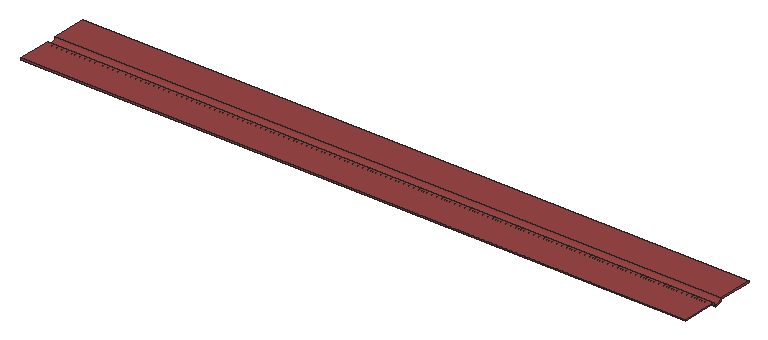
Revit family "Building-Materials_Waterproofing&Membranes_EMAC_NOVOMEMBRANA-EPDM", category Generic Models, Revit 2015
Parameters (values of type "MEMEST140")
  s = a / 180.00° * pi() * R  # 25.999 mm
  h = Arc Height  # 7 mm
  d = R - h  # 3.643 mm
  c = Joint Length  # 20 mm
  a = 2 * acos(d / R)  # 139.968°
  Width Control = Width  # 140 mm
  Width = 140 mm
  R = (h / 2) + ((c ^ 2) / (8 * h))  # 10.643 mm
  Product data url = "https://www.bimobject.com/emac/product/memest"
  Product Material = Finish_Emac_Aluminum-Anodized-Matt-Black-10
  Product Guid = "541b65cd-4d6f-41af-ba12-ab0ee81a66a3"
  Model = "NOVOMEMBRANA EPDM\r\n"
  Manufacturer = "EMAC"
  built-in parameter 1001306 [instance] = 1200 mm
  Joint Length = 20 mm
  Edition number = 1
  Description = "NOVOMEMBRANA EPDM hasta 40mm"
  Arc Height = 7 mm
Types (5, lengths in mm): name | s | h | d | c | a | Width Control | Width | R | Joint Length | Description | Arc Height
  (no name) | 25.999 | 7 | 3.643 | 20 | 139.968° | 140 | 140 | 10.643 | 20 | "NOVOMEMBRANA EPDM hasta 40mm" | 7
  MEMEST140 | 25.999 | 7 | 3.643 | 20 | 139.968° | 140 | 140 | 10.643 | 20 | "NOVOMEMBRANA EPDM hasta 40mm" | 7
  MEMEST170 | 46.365 | 10 | 15 | 40 | 106.26° | 170 | 170 | 25 | 40 | "NOVOMEMBRANA EPDM hasta 60mm" | 10
  MEMEST200 | 63.858 | 16.769 | 10.251 | 50 | 135.411° | 200 | 200 | 27.02 | 50 | "NOVOMEMBRANA EPDM hasta 80mm" | 16.769
  MEMEST260 | 71.807 | 16.769 | 18.45 | 60 | 116.817° | 260 | 260 | 35.219 | 60 | "NOVOMEMBRANA EPDM hasta 120mm" | 16.769
Reference planes
  plane 1 "Center (Front/Back)": y = 0
  plane 2: z = 0
  plane 3 "Left": x = 0
  plane 4 "Right": x = 1200
  plane 5: y = 140
  plane 6: y = 70
  plane 7: z = 3.643
  plane 8: y = 80
  plane 9: y = 60
  plane 10: z = -16.769
Forms (mm)
  Sweep 1, solid, material "Finish_Emac_Aluminum-Anodized-Matt-Black-10" <- "Product Material"
    path origin (0, 0, 0) x (1, 0, 0) y (0, 1, 0)
      loop
        line (0, 0) -> (1200, 0)
    profile origin (600, 0, 0) x (0, 1, 0) y (0, 0, 1)
      loop
        arc (78.261, 1.811) -> (70, -4.819) -> (61.739, 1.811) r 8.462
        line (61.739, 1.811) -> (0, 1.811) -> (0, 0) -> (60, 0)
        arc (60, 0) -> (70, -7) -> (80, 0) r 10.643
        line (80, 0) -> (140, 0) -> (140, 1.811) -> (78.261, 1.811)
Lines and regions (mm)
  reference lines
    curve 1: line (0, 0, 0) -> (1200, 0, 0)
Dimensions and locks
  "built-in parameter 1001306": plane 3 "Left" to plane 4 "Right"
  "Width Control": plane 5 to plane 1 "Center (Front/Back)"
  equal spacing: plane 5, plane 6, plane 1 "Center (Front/Back)"
  "Joint Length": plane 8 to plane 9
  equal spacing: plane 8, plane 6, plane 9
  plane 10 to profile plane = 16.769 mm
  "d": level to plane 7
  locked: plane 8 to Sweep 1 sketch curve at 1.739
  locked: Sweep 1 sketch curve to plane 9 at 1.739
  locked: Sweep 1 sketch curve to level at 1.811
  locked: Sweep 1 sketch curve to profile plane at 1.811
  "R": radius of Sweep 1 sketch curve
  aligned and locked: plane 4 "Right" to curve 1
  aligned and locked: plane 1 "Center (Front/Back)" to curve 1
  aligned and locked: plane 3 "Left" to curve 1
  aligned and locked: level to plane 2
  aligned and locked: plane 3 "Left" to Sweep 1 sketch curve
  aligned and locked: plane 4 "Right" to Sweep 1 sketch curve
  aligned and locked: Sweep 1 sketch curve to curve 1
Automatic sketch dimensions
  Sweep 1 sketch curve to Sweep 1 sketch curve = 0 mm  (x2)
  Sweep 1 sketch curve to level = 0 mm  (x2)
  Sweep 1 sketch curve to profile plane = 0 mm
  Sweep 1 sketch curve to plane 9 = 0 mm
  Sweep 1 sketch curve to plane 5 = 0 mm
